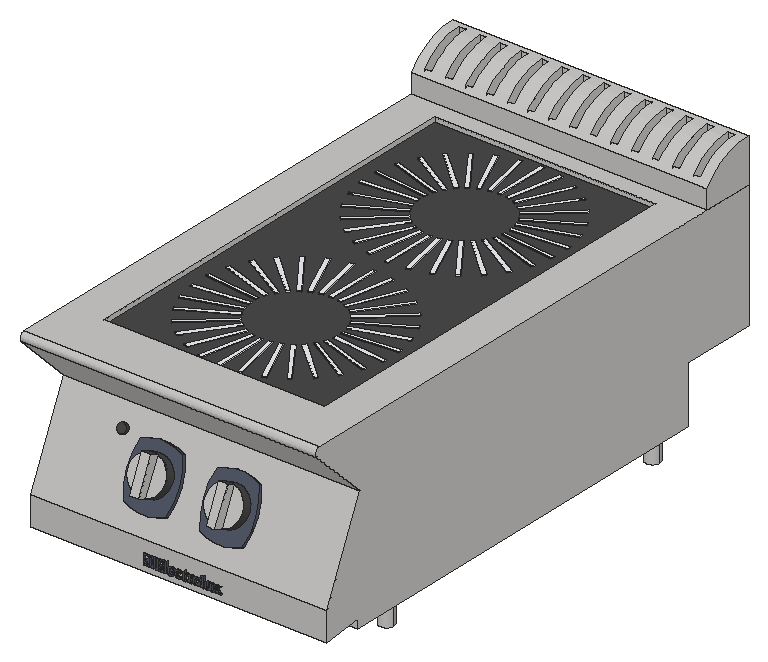
Revit family "QF_ELECTROLUXPROFESSIONAL_371024_E7IRED2000", category Specialty Equipment, Revit 2018 (continued)
Lines and regions (mm)
  symbolic lines
    curve 250: line (279.805, -410.326, 266.887) -> (275.76, -407.387, 266.887)
    curve 251: line (251.743, -393.986, 266.887) -> (221.891, -461.036, 266.887)
    curve 252: line (221.891, -461.036, 266.887) -> (226.458, -463.07, 266.887)
    curve 253: line (226.458, -463.07, 266.887) -> (256.311, -396.019, 266.887)
    curve 254: line (256.311, -396.019, 266.887) -> (251.743, -393.986, 266.887)
    curve 255: line (225.465, -385.871, 266.887) -> (210.206, -457.663, 266.887)
    curve 256: line (210.206, -457.663, 266.887) -> (215.096, -458.702, 266.887)
    curve 257: line (215.096, -458.702, 266.887) -> (230.356, -386.91, 266.887)
    curve 258: line (230.356, -386.91, 266.887) -> (225.465, -385.871, 266.887)
    curve 259: line (198.074, -383.397, 266.887) -> (198.074, -456.792, 266.887)
    curve 260: line (198.074, -456.792, 266.887) -> (203.074, -456.792, 266.887)
    curve 261: line (203.074, -456.792, 266.887) -> (203.074, -383.397, 266.887)
    curve 262: line (203.074, -383.397, 266.887) -> (198.074, -383.397, 266.887)
    curve 263: line (170.768, -386.671, 266.887) -> (186.028, -458.463, 266.887)
    curve 264: line (186.028, -458.463, 266.887) -> (190.918, -457.424, 266.887)
    curve 265: line (190.918, -457.424, 266.887) -> (175.658, -385.632, 266.887)
    curve 266: line (175.658, -385.632, 266.887) -> (170.768, -386.671, 266.887)
    curve 267: line (144.738, -395.552, 266.887) -> (174.591, -462.602, 266.887)
    curve 268: line (174.591, -462.602, 266.887) -> (179.159, -460.569, 266.887)
    curve 269: line (179.159, -460.569, 266.887) -> (149.306, -393.518, 266.887)
    curve 270: line (149.306, -393.518, 266.887) -> (144.738, -395.552, 266.887)
    curve 271: line (121.124, -409.65, 266.887) -> (164.265, -469.029, 266.887)
    curve 272: line (164.265, -469.029, 266.887) -> (168.311, -466.09, 266.887)
    curve 273: line (168.311, -466.09, 266.887) -> (125.17, -406.711, 266.887)
    curve 274: line (125.17, -406.711, 266.887) -> (121.124, -409.65, 266.887)
    curve 275: line (100.958, -428.35, 266.887) -> (155.501, -477.462, 266.887)
    curve 276: line (155.501, -477.462, 266.887) -> (158.847, -473.746, 266.887)
    curve 277: line (158.847, -473.746, 266.887) -> (104.303, -424.635, 266.887)
    curve 278: line (104.303, -424.635, 266.887) -> (100.958, -428.35, 266.887)
    curve 279: line (85.12, -450.834, 266.887) -> (148.682, -487.532, 266.887)
    curve 280: line (148.682, -487.532, 266.887) -> (151.182, -483.202, 266.887)
    curve 281: line (151.182, -483.202, 266.887) -> (87.62, -446.504, 266.887)
    curve 282: line (87.62, -446.504, 266.887) -> (85.12, -450.834, 266.887)
    curve 283: line (74.302, -476.12, 266.887) -> (144.106, -498.801, 266.887)
    curve 284: line (144.106, -498.801, 266.887) -> (145.651, -494.046, 266.887)
    curve 285: line (145.651, -494.046, 266.887) -> (75.847, -471.365, 266.887)
    curve 286: line (75.847, -471.365, 266.887) -> (74.302, -476.12, 266.887)
    curve 287: line (68.979, -503.103, 266.887) -> (141.972, -510.775, 266.887)
    curve 288: line (141.972, -510.775, 266.887) -> (142.495, -505.802, 266.887)
    curve 289: line (142.495, -505.802, 266.887) -> (69.501, -498.13, 266.887)
    curve 290: line (69.501, -498.13, 266.887) -> (68.979, -503.103, 266.887)
    curve 291: line (69.381, -530.602, 266.887) -> (142.375, -522.93, 266.887)
    curve 292: line (142.375, -522.93, 266.887) -> (141.852, -517.958, 266.887)
    curve 293: line (141.852, -517.958, 266.887) -> (68.858, -525.629, 266.887)
    curve 294: line (68.858, -525.629, 266.887) -> (69.381, -530.602, 266.887)
    curve 295: line (75.492, -557.417, 266.887) -> (145.296, -534.736, 266.887)
    curve 296: line (145.296, -534.736, 266.887) -> (143.751, -529.981, 266.887)
    curve 297: line (143.751, -529.981, 266.887) -> (73.947, -552.662, 266.887)
    curve 298: line (73.947, -552.662, 266.887) -> (75.492, -557.417, 266.887)
    curve 299: line (87.045, -582.375, 266.887) -> (150.608, -545.677, 266.887)
    curve 300: line (150.608, -545.677, 266.887) -> (148.108, -541.347, 266.887)
    curve 301: line (148.108, -541.347, 266.887) -> (84.545, -578.045, 266.887)
    curve 302: line (84.545, -578.045, 266.887) -> (87.045, -582.375, 266.887)
    curve 303: line (103.535, -604.386, 266.887) -> (158.078, -555.275, 266.887)
    curve 304: line (158.078, -555.275, 266.887) -> (154.733, -551.559, 266.887)
    curve 305: line (154.733, -551.559, 266.887) -> (100.189, -600.671, 266.887)
    curve 306: line (100.189, -600.671, 266.887) -> (103.535, -604.386, 266.887)
    curve 307: line (124.24, -622.488, 266.887) -> (167.381, -563.109, 266.887)
    curve 308: line (167.381, -563.109, 266.887) -> (163.336, -560.17, 266.887)
    curve 309: line (163.336, -560.17, 266.887) -> (120.195, -619.549, 266.887)
    curve 310: line (120.195, -619.549, 266.887) -> (124.24, -622.488, 266.887)
    curve 311: line (148.257, -635.889, 266.887) -> (178.109, -568.839, 266.887)
    curve 312: line (178.109, -568.839, 266.887) -> (173.542, -566.805, 266.887)
    curve 313: line (173.542, -566.805, 266.887) -> (143.689, -633.855, 266.887)
    curve 314: line (143.689, -633.855, 266.887) -> (148.257, -635.889, 266.887)
Dimensions and locks
  equal spacing: plane 3 "LEFT", plane 7 "Center Y", plane 4 "RIGHT"
  "Width": plane 3 "LEFT" to plane 4 "RIGHT"
  equal spacing: plane 5 "FRONT", plane 8 "Center X", plane 1 "BACK"
  "Depth": plane 5 "FRONT" to plane 1 "BACK"
  "Height": plane 6 "TOP" to level
  "Base Height": plane 9 "BASE" to level
  plane 1 "BACK" to plane 5 "FRONT" = 730 mm
  plane 10 "TOP A" to plane 9 "BASE" = 249.237 mm
  aligned and locked: level to plane 2
  aligned and locked: plane 4 "RIGHT" to Extrusion 1
  aligned and locked: plane 4 "RIGHT" to Extrusion 2
  aligned and locked: plane 9 "BASE" to Extrusion 18
  aligned and locked: plane 6 "TOP" to Extrusion 24
Automatic sketch dimensions
  Extrusion 26 sketch curve to Extrusion 26 sketch curve = 5 mm
  Extrusion 26 sketch curve to Extrusion 26 sketch curve = 73.396 mm
  Extrusion 27 sketch curve to Extrusion 27 sketch curve = 5 mm
  Extrusion 27 sketch curve to Extrusion 27 sketch curve = 73.396 mm
  Extrusion 28 sketch curve to Extrusion 28 sketch curve = 5 mm
  Extrusion 28 sketch curve to Extrusion 28 sketch curve = 73.396 mm
  Extrusion 29 sketch curve to Extrusion 29 sketch curve = 5 mm
  Extrusion 29 sketch curve to Extrusion 29 sketch curve = 73.396 mm
  Extrusion 30 sketch curve to Extrusion 30 sketch curve = 5 mm
  Extrusion 30 sketch curve to Extrusion 30 sketch curve = 73.396 mm
  Extrusion 31 sketch curve to Extrusion 31 sketch curve = 5 mm
  Extrusion 31 sketch curve to Extrusion 31 sketch curve = 73.396 mm
  Extrusion 32 sketch curve to Extrusion 32 sketch curve = 5 mm
  Extrusion 32 sketch curve to Extrusion 32 sketch curve = 73.396 mm
  Extrusion 33 sketch curve to Extrusion 33 sketch curve = 5 mm
  Extrusion 33 sketch curve to Extrusion 33 sketch curve = 73.396 mm
  Extrusion 34 sketch curve to Extrusion 34 sketch curve = 5 mm
  Extrusion 34 sketch curve to Extrusion 34 sketch curve = 73.396 mm
  Extrusion 35 sketch curve to Extrusion 35 sketch curve = 5 mm
  Extrusion 35 sketch curve to Extrusion 35 sketch curve = 73.396 mm
  Extrusion 36 sketch curve to Extrusion 36 sketch curve = 5 mm
  Extrusion 36 sketch curve to Extrusion 36 sketch curve = 73.396 mm
  Extrusion 37 sketch curve to Extrusion 37 sketch curve = 5 mm
  Extrusion 37 sketch curve to Extrusion 37 sketch curve = 73.396 mm
  Extrusion 38 sketch curve to Extrusion 38 sketch curve = 5 mm
  Extrusion 38 sketch curve to Extrusion 38 sketch curve = 73.396 mm
  Extrusion 39 sketch curve to Extrusion 39 sketch curve = 5 mm
  Extrusion 39 sketch curve to Extrusion 39 sketch curve = 73.396 mm
  Extrusion 40 sketch curve to Extrusion 40 sketch curve = 5 mm
  Extrusion 40 sketch curve to Extrusion 40 sketch curve = 73.396 mm
  Extrusion 41 sketch curve to Extrusion 41 sketch curve = 5 mm
  Extrusion 41 sketch curve to Extrusion 41 sketch curve = 73.396 mm
  Extrusion 42 sketch curve to Extrusion 42 sketch curve = 5 mm
  Extrusion 42 sketch curve to Extrusion 42 sketch curve = 73.396 mm
  Extrusion 43 sketch curve to Extrusion 43 sketch curve = 5 mm
  Extrusion 43 sketch curve to Extrusion 43 sketch curve = 73.396 mm
  Extrusion 44 sketch curve to Extrusion 44 sketch curve = 5 mm
  Extrusion 44 sketch curve to Extrusion 44 sketch curve = 73.396 mm
  Extrusion 45 sketch curve to Extrusion 45 sketch curve = 5 mm
  Extrusion 45 sketch curve to Extrusion 45 sketch curve = 73.396 mm
  Extrusion 46 sketch curve to Extrusion 46 sketch curve = 5 mm
  Extrusion 46 sketch curve to Extrusion 46 sketch curve = 73.396 mm
  Extrusion 47 sketch curve to Extrusion 47 sketch curve = 5 mm
  Extrusion 47 sketch curve to Extrusion 47 sketch curve = 73.396 mm
  Extrusion 48 sketch curve to Extrusion 48 sketch curve = 5 mm
  Extrusion 48 sketch curve to Extrusion 48 sketch curve = 73.396 mm
  Extrusion 49 sketch curve to Extrusion 49 sketch curve = 5 mm
  Extrusion 49 sketch curve to Extrusion 49 sketch curve = 73.396 mm
  Extrusion 50 sketch curve to Extrusion 50 sketch curve = 5 mm
  Extrusion 50 sketch curve to Extrusion 50 sketch curve = 73.396 mm
  Extrusion 51 sketch curve to Extrusion 51 sketch curve = 5 mm
  Extrusion 51 sketch curve to Extrusion 51 sketch curve = 73.396 mm
  Extrusion 52 sketch curve to Extrusion 52 sketch curve = 5 mm
  Extrusion 52 sketch curve to Extrusion 52 sketch curve = 73.396 mm
  Extrusion 53 sketch curve to Extrusion 53 sketch curve = 5 mm
  Extrusion 53 sketch curve to Extrusion 53 sketch curve = 73.396 mm
  Extrusion 54 sketch curve to Extrusion 54 sketch curve = 5 mm
  Extrusion 54 sketch curve to Extrusion 54 sketch curve = 73.396 mm
  Extrusion 55 sketch curve to Extrusion 55 sketch curve = 5 mm
  Extrusion 55 sketch curve to Extrusion 55 sketch curve = 73.396 mm
  Extrusion 56 sketch curve to Extrusion 56 sketch curve = 5 mm
  Extrusion 56 sketch curve to Extrusion 56 sketch curve = 73.396 mm
  Extrusion 57 sketch curve to Extrusion 57 sketch curve = 5 mm
  Extrusion 57 sketch curve to Extrusion 57 sketch curve = 73.396 mm
  Extrusion 58 sketch curve to Extrusion 58 sketch curve = 5 mm
  Extrusion 58 sketch curve to Extrusion 58 sketch curve = 73.396 mm
  Extrusion 59 sketch curve to Extrusion 59 sketch curve = 5 mm
  Extrusion 59 sketch curve to Extrusion 59 sketch curve = 73.396 mm
  Extrusion 60 sketch curve to Extrusion 60 sketch curve = 5 mm
  Extrusion 60 sketch curve to Extrusion 60 sketch curve = 73.396 mm
  Extrusion 61 sketch curve to Extrusion 61 sketch curve = 5 mm
  Extrusion 61 sketch curve to Extrusion 61 sketch curve = 73.396 mm
  Extrusion 62 sketch curve to Extrusion 62 sketch curve = 5 mm
  Extrusion 62 sketch curve to Extrusion 62 sketch curve = 73.396 mm
  Extrusion 63 sketch curve to Extrusion 63 sketch curve = 5 mm
  Extrusion 63 sketch curve to Extrusion 63 sketch curve = 73.396 mm
  Extrusion 64 sketch curve to Extrusion 64 sketch curve = 5 mm
  Extrusion 64 sketch curve to Extrusion 64 sketch curve = 73.396 mm
  Extrusion 65 sketch curve to Extrusion 65 sketch curve = 5 mm
  Extrusion 65 sketch curve to Extrusion 65 sketch curve = 73.396 mm
  Extrusion 66 sketch curve to Extrusion 66 sketch curve = 5 mm
  Extrusion 66 sketch curve to Extrusion 66 sketch curve = 73.396 mm
  Extrusion 67 sketch curve to Extrusion 67 sketch curve = 5 mm
  Extrusion 67 sketch curve to Extrusion 67 sketch curve = 73.396 mm
  Extrusion 68 sketch curve to Extrusion 68 sketch curve = 5 mm
  Extrusion 68 sketch curve to Extrusion 68 sketch curve = 73.396 mm
  Extrusion 69 sketch curve to Extrusion 69 sketch curve = 5 mm
  Extrusion 69 sketch curve to Extrusion 69 sketch curve = 73.396 mm
  Extrusion 70 sketch curve to Extrusion 70 sketch curve = 5 mm
  Extrusion 70 sketch curve to Extrusion 70 sketch curve = 73.396 mm
  Extrusion 71 sketch curve to Extrusion 71 sketch curve = 5 mm
  Extrusion 71 sketch curve to Extrusion 71 sketch curve = 73.396 mm
  Extrusion 72 sketch curve to Extrusion 72 sketch curve = 5 mm
  Extrusion 72 sketch curve to Extrusion 72 sketch curve = 73.396 mm
  Extrusion 73 sketch curve to Extrusion 73 sketch curve = 5 mm
  Extrusion 73 sketch curve to Extrusion 73 sketch curve = 73.396 mm
  Extrusion 74 sketch curve to Extrusion 74 sketch curve = 5 mm
  Extrusion 74 sketch curve to Extrusion 74 sketch curve = 73.396 mm
  Extrusion 75 sketch curve to Extrusion 75 sketch curve = 5 mm
  Extrusion 75 sketch curve to Extrusion 75 sketch curve = 73.396 mm
  Extrusion 76 sketch curve to Extrusion 76 sketch curve = 5 mm
  Extrusion 76 sketch curve to Extrusion 76 sketch curve = 73.396 mm
  Extrusion 77 sketch curve to Extrusion 77 sketch curve = 5 mm
  Extrusion 77 sketch curve to Extrusion 77 sketch curve = 73.396 mm
  Extrusion 78 sketch curve to Extrusion 78 sketch curve = 5 mm
  Extrusion 78 sketch curve to Extrusion 78 sketch curve = 73.396 mm
  Extrusion 79 sketch curve to Extrusion 79 sketch curve = 5 mm
  Extrusion 79 sketch curve to Extrusion 79 sketch curve = 73.396 mm
  Extrusion 80 sketch curve to Extrusion 80 sketch curve = 5 mm
  Extrusion 80 sketch curve to Extrusion 80 sketch curve = 73.396 mm
  Extrusion 81 sketch curve to Extrusion 81 sketch curve = 5 mm
  Extrusion 81 sketch curve to Extrusion 81 sketch curve = 73.396 mm
  Extrusion 82 sketch curve to Extrusion 82 sketch curve = 5 mm
  Extrusion 82 sketch curve to Extrusion 82 sketch curve = 73.396 mm
  Extrusion 83 sketch curve to Extrusion 83 sketch curve = 5 mm
  Extrusion 83 sketch curve to Extrusion 83 sketch curve = 73.396 mm
  Extrusion 84 sketch curve to Extrusion 84 sketch curve = 5 mm
  Extrusion 84 sketch curve to Extrusion 84 sketch curve = 73.396 mm
  Extrusion 85 sketch curve to Extrusion 85 sketch curve = 5 mm
  Extrusion 85 sketch curve to Extrusion 85 sketch curve = 73.396 mm
  Extrusion 1 sketch curve to plane 10 "TOP A" = 0 mm
  Extrusion 1 sketch curve to plane 9 "BASE" = 0 mm
  Extrusion 1 sketch curve to plane 1 "BACK" = 0 mm
  Extrusion 1 sketch curve to plane 12 = 46.038 mm
  plane 11 to Extrusion 1 sketch curve = 59.531 mm
  plane 9 "BASE" to Extrusion 1 sketch curve = 12.7 mm
  plane 11 to Extrusion 1 sketch curve = 62.516 mm
  Extrusion 1 sketch curve to plane 5 "FRONT" = 16.478 mm
  Extrusion 1 sketch curve to plane 5 "FRONT" = 4.973 mm
  Extrusion 1 sketch curve to plane 5 "FRONT" = 0.483 mm
  plane 9 "BASE" to Extrusion 1 sketch curve = 7.09 mm
  Extrusion 1 sketch curve to Extrusion 1 sketch curve = 38.1 mm
  plane 9 "BASE" to Extrusion 1 sketch curve = 77.788 mm
  Extrusion 1 sketch curve to plane 10 "TOP A" = 83.191 mm
  Extrusion 1 sketch curve to plane 10 "TOP A" = 10.84 mm
  Extrusion 2 sketch curve to plane 10 "TOP A" = 0 mm
  Extrusion 2 sketch curve to plane 1 "BACK" = 0 mm
  Extrusion 2 sketch curve to plane 6 "TOP" = 0 mm
  plane 1 "BACK" to Extrusion 2 sketch curve = 1.769 mm
  plane 10 "TOP A" to Extrusion 2 sketch curve = 25.4 mm
  plane 1 "BACK" to Extrusion 2 sketch curve = 69.85 mm
  Extrusion 3 sketch curve to plane 4 "RIGHT" = 50 mm
  plane 3 "LEFT" to Extrusion 3 sketch curve = 50 mm
  Extrusion 3 sketch curve to plane 12 = 54.376 mm
  plane 11 to Extrusion 3 sketch curve = 55.377 mm
  plane 1 "BACK" to Extrusion 4 sketch curve = 6.761 mm
  plane 3 "LEFT" to Extrusion 4 sketch curve = 22.749 mm
  Extrusion 4 sketch curve to Extrusion 4 sketch curve = 9.296 mm
  Extrusion 4 sketch curve to Extrusion 4 sketch curve = 57.15 mm
  Extrusion 5 sketch curve to plane 1 "BACK" = 6.761 mm
  plane 4 "RIGHT" to Extrusion 5 sketch curve = 22.749 mm
  Extrusion 5 sketch curve to Extrusion 5 sketch curve = 9.296 mm
  Extrusion 5 sketch curve to Extrusion 5 sketch curve = 57.15 mm
  plane 1 "BACK" to Extrusion 6 sketch curve = 6.761 mm
  plane 3 "LEFT" to Extrusion 6 sketch curve = 50.737 mm
  Extrusion 6 sketch curve to Extrusion 6 sketch curve = 9.296 mm
  Extrusion 6 sketch curve to Extrusion 6 sketch curve = 57.15 mm
  plane 1 "BACK" to Extrusion 7 sketch curve = 6.761 mm
  plane 3 "LEFT" to Extrusion 7 sketch curve = 78.725 mm
  Extrusion 7 sketch curve to Extrusion 7 sketch curve = 9.296 mm
  Extrusion 7 sketch curve to Extrusion 7 sketch curve = 57.15 mm
  plane 1 "BACK" to Extrusion 8 sketch curve = 6.761 mm
  Extrusion 8 sketch curve to plane 7 "Center Y" = 93.311 mm
  Extrusion 8 sketch curve to Extrusion 8 sketch curve = 9.296 mm
  Extrusion 8 sketch curve to Extrusion 8 sketch curve = 57.15 mm
  plane 1 "BACK" to Extrusion 9 sketch curve = 6.761 mm
  Extrusion 9 sketch curve to plane 7 "Center Y" = 65.323 mm
  Extrusion 9 sketch curve to Extrusion 9 sketch curve = 9.296 mm
  Extrusion 9 sketch curve to Extrusion 9 sketch curve = 57.15 mm
  plane 1 "BACK" to Extrusion 10 sketch curve = 6.761 mm
  Extrusion 10 sketch curve to plane 7 "Center Y" = 37.335 mm
  Extrusion 10 sketch curve to Extrusion 10 sketch curve = 9.296 mm
  Extrusion 10 sketch curve to Extrusion 10 sketch curve = 57.15 mm
  Extrusion 11 sketch curve to plane 7 "Center Y" = 9.346 mm
  Extrusion 11 sketch curve to Extrusion 11 sketch curve = 9.296 mm
  plane 1 "BACK" to Extrusion 11 sketch curve = 6.761 mm
  Extrusion 11 sketch curve to Extrusion 11 sketch curve = 57.15 mm
  plane 1 "BACK" to Extrusion 12 sketch curve = 6.761 mm
  plane 7 "Center Y" to Extrusion 12 sketch curve = 18.642 mm
  Extrusion 12 sketch curve to Extrusion 12 sketch curve = 9.296 mm
  Extrusion 12 sketch curve to Extrusion 12 sketch curve = 57.15 mm
  plane 1 "BACK" to Extrusion 13 sketch curve = 6.761 mm
  plane 7 "Center Y" to Extrusion 13 sketch curve = 46.63 mm
  Extrusion 13 sketch curve to Extrusion 13 sketch curve = 9.296 mm
  Extrusion 13 sketch curve to Extrusion 13 sketch curve = 57.15 mm
  plane 1 "BACK" to Extrusion 14 sketch curve = 6.761 mm
  plane 7 "Center Y" to Extrusion 14 sketch curve = 74.619 mm
  Extrusion 14 sketch curve to Extrusion 14 sketch curve = 9.296 mm
  Extrusion 14 sketch curve to Extrusion 14 sketch curve = 57.15 mm
  plane 1 "BACK" to Extrusion 15 sketch curve = 6.761 mm
  Extrusion 15 sketch curve to plane 4 "RIGHT" = 97.418 mm
  Extrusion 15 sketch curve to Extrusion 15 sketch curve = 9.296 mm
  Extrusion 15 sketch curve to Extrusion 15 sketch curve = 57.15 mm
  plane 1 "BACK" to Extrusion 16 sketch curve = 6.761 mm
  Extrusion 16 sketch curve to plane 4 "RIGHT" = 69.43 mm
  Extrusion 16 sketch curve to Extrusion 16 sketch curve = 9.296 mm
  Extrusion 16 sketch curve to Extrusion 16 sketch curve = 57.15 mm
  plane 1 "BACK" to Extrusion 17 sketch curve = 6.761 mm
  Extrusion 17 sketch curve to plane 4 "RIGHT" = 41.441 mm
  Extrusion 17 sketch curve to Extrusion 17 sketch curve = 9.296 mm
  Extrusion 17 sketch curve to Extrusion 17 sketch curve = 57.15 mm
  plane 11 to Extrusion 18 sketch curve = 0 mm  (x2)
  plane 12 to Extrusion 18 sketch curve = 0 mm  (x2)
  plane 3 "LEFT" to Extrusion 18 sketch curve = 11.112 mm  (x2)
  Extrusion 18 sketch curve to plane 4 "RIGHT" = 11.113 mm  (x2)
  Extrusion 19 sketch curve to Extrusion 1 = 31.333 mm  (x2)
  Extrusion 19 sketch curve to Extrusion 19 sketch curve = 12.3 mm  (x3)
  Extrusion 19 sketch curve to Extrusion 19 sketch curve = 34.925 mm  (x2)
  Extrusion 1 to Extrusion 19 sketch curve = 44.467 mm
  Extrusion 1 to Extrusion 19 sketch curve = 200.117 mm
  Extrusion 19 sketch curve to Extrusion 19 sketch curve = 25.727 mm
  Extrusion 19 sketch curve to Extrusion 19 sketch curve = 25.771 mm
  Extrusion 19 sketch curve to Extrusion 19 sketch curve = 28.531 mm
  Extrusion 21 sketch curve to Extrusion 21 sketch curve = 24.732 mm
  Extrusion 21 sketch curve to Extrusion 21 sketch curve = 0 mm
  Extrusion 1 to Extrusion 22 sketch curve = 29.678 mm
  Extrusion 1 to Extrusion 22 sketch curve = 90.648 mm
  Extrusion 1 to Extrusion 23 sketch curve = 33.906 mm
  Extrusion 1 to Extrusion 23 sketch curve = 63.5 mm
  plane 1 "BACK" to Extrusion 24 sketch curve = 0 mm
  Extrusion 24 sketch curve to plane 3 "LEFT" = 0 mm
  Extrusion 24 sketch curve to plane 4 "RIGHT" = 0 mm
  Extrusion 24 sketch curve to plane 3 "LEFT" = 150.019 mm
  plane 5 "FRONT" to Extrusion 24 sketch curve = 1.377 mm  (x2)
  plane 4 "RIGHT" to Extrusion 24 sketch curve = 150.019 mm
  Extrusion 24 sketch curve to plane 1 "BACK" = 150.019 mm
  curve 65 to plane 4 "RIGHT" = 0 mm
  curve 5 to plane 3 "LEFT" = 0 mm
  curve 63 to plane 3 "LEFT" = 0 mm
  plane 1 "BACK" to curve 5 = 0 mm
  plane 5 "FRONT" to curve 6 = 0 mm
  plane 4 "RIGHT" to curve 3 = 150.019 mm
  curve 12 to plane 4 "RIGHT" = 13.453 mm
  curve 11 to curve 14 = 9.296 mm
  curve 12 to curve 59 = 18.693 mm
  curve 59 to curve 62 = 9.296 mm
  curve 60 to curve 55 = 18.693 mm
  curve 55 to curve 56 = 9.296 mm
  plane 1 "BACK" to curve 51 = 6.761 mm
  curve 57 to curve 51 = 18.693 mm
  curve 51 to curve 52 = 9.296 mm
  curve 52 to curve 47 = 18.693 mm
  curve 47 to curve 48 = 9.296 mm
  plane 1 "BACK" to curve 43 = 6.761 mm
  curve 49 to curve 43 = 18.693 mm
  curve 43 to curve 44 = 9.296 mm
  plane 7 "Center Y" to curve 39 = 18.642 mm
  curve 39 to curve 40 = 9.296 mm
  curve 36 to plane 7 "Center Y" = 9.346 mm
  curve 35 to curve 38 = 9.296 mm
  curve 36 to curve 32 = 18.693 mm
  curve 31 to curve 32 = 9.296 mm
  plane 1 "BACK" to curve 30 = 6.761 mm
  curve 33 to curve 30 = 18.693 mm
  curve 27 to curve 28 = 9.296 mm
  plane 1 "BACK" to curve 23 = 6.761 mm
  curve 29 to curve 23 = 18.693 mm
  curve 23 to curve 24 = 9.296 mm
  curve 24 to curve 20 = 18.693 mm
  curve 19 to curve 20 = 9.296 mm
  curve 20 to curve 15 = 18.693 mm
  curve 15 to curve 16 = 9.296 mm
  curve 16 to curve 63 = 9.691 mm
  plane 1 "BACK" to curve 10 = 6.761 mm
  curve 17 to curve 10 = 18.693 mm
  curve 7 to curve 9 = 9.296 mm
  plane 5 "FRONT" to curve 1 = 1.377 mm
  curve 1 to plane 3 "LEFT" = 150.019 mm
  curve 2 to plane 1 "BACK" = 150.019 mm
  plane 1 "BACK" to curve 61 = 6.761 mm
  plane 1 "BACK" to curve 58 = 6.761 mm
  plane 1 "BACK" to curve 11 = 6.761 mm
  plane 1 "BACK" to curve 15 = 6.761 mm
  plane 1 "BACK" to curve 50 = 6.761 mm
  plane 1 "BACK" to curve 19 = 6.761 mm
  plane 1 "BACK" to curve 42 = 6.761 mm
  plane 1 "BACK" to curve 38 = 6.761 mm
  plane 1 "BACK" to curve 31 = 6.761 mm
  curve 33 to curve 33 = 57.15 mm
  curve 29 to curve 32 = 0 mm
  curve 31 to curve 35 = 0 mm
  curve 25 to curve 28 = 0 mm
  curve 35 to curve 39 = 0 mm
  curve 21 to curve 24 = 0 mm
  curve 39 to curve 43 = 0 mm
  curve 17 to curve 20 = 0 mm
  curve 43 to curve 47 = 0 mm
  curve 13 to curve 13 = 57.15 mm
  curve 47 to curve 51 = 0 mm
  curve 9 to curve 16 = 0 mm
  curve 51 to curve 55 = 0 mm
  curve 55 to curve 61 = 0 mm
  curve 8 to curve 64 = 5.939 mm
  curve 11 to curve 65 = 5.939 mm
  curve 64 to plane 12 = 26.988 mm
  plane 5 "FRONT" to curve 3 = 1.377 mm
  Extrusion 25 sketch curve to plane 7 "Center Y" = 0 mm
  plane 9 "BASE" to Extrusion 25 sketch curve = 10.651 mm
  plane 9 "BASE" to Extrusion 25 sketch curve = 15.692 mm
  plane 9 "BASE" to Extrusion 25 sketch curve = 15.711 mm
  Extrusion 25 sketch curve to Extrusion 25 sketch curve = 0 mm  (x28)
  Extrusion 25 sketch curve to Extrusion 25 sketch curve = 5.108 mm  (x2)
  Extrusion 25 sketch curve to Extrusion 25 sketch curve = 0.054 mm
  Extrusion 25 sketch curve to Extrusion 25 sketch curve = 0.218 mm
  Extrusion 25 sketch curve to Extrusion 25 sketch curve = 0.195 mm
  Extrusion 25 sketch curve to Extrusion 25 sketch curve = 0.249 mm
  plane 9 "BASE" to Extrusion 25 sketch curve = 16.008 mm
  Extrusion 25 sketch curve to Extrusion 25 sketch curve = 0.087 mm
  Extrusion 25 sketch curve to Extrusion 25 sketch curve = 0.358 mm
  Extrusion 25 sketch curve to Extrusion 25 sketch curve = 0.481 mm
  Extrusion 25 sketch curve to Extrusion 25 sketch curve = 0.597 mm
  Extrusion 25 sketch curve to Extrusion 25 sketch curve = 0.544 mm
  Extrusion 25 sketch curve to Extrusion 25 sketch curve = 0.936 mm
  Extrusion 25 sketch curve to Extrusion 25 sketch curve = 0.594 mm
  Extrusion 25 sketch curve to Extrusion 25 sketch curve = 0.343 mm
  Extrusion 25 sketch curve to Extrusion 25 sketch curve = 0.159 mm
  Extrusion 25 sketch curve to Extrusion 25 sketch curve = 0.826 mm
  Extrusion 25 sketch curve to Extrusion 25 sketch curve = 0.839 mm
  Extrusion 25 sketch curve to Extrusion 25 sketch curve = 0.852 mm
  Extrusion 25 sketch curve to Extrusion 25 sketch curve = 0.887 mm
  Extrusion 25 sketch curve to Extrusion 25 sketch curve = 0.928 mm
  Extrusion 25 sketch curve to Extrusion 25 sketch curve = 0.938 mm
  Extrusion 25 sketch curve to Extrusion 25 sketch curve = 0.444 mm
  Extrusion 25 sketch curve to Extrusion 25 sketch curve = 1.11 mm  (x3)
  Extrusion 25 sketch curve to Extrusion 25 sketch curve = 0.215 mm
  Extrusion 25 sketch curve to Extrusion 25 sketch curve = 1.43 mm
  Extrusion 25 sketch curve to Extrusion 25 sketch curve = 1.188 mm
  Extrusion 25 sketch curve to Extrusion 25 sketch curve = 1.21 mm  (x2)
  Extrusion 25 sketch curve to Extrusion 25 sketch curve = 0.503 mm
  Extrusion 25 sketch curve to Extrusion 25 sketch curve = 0.488 mm
  Extrusion 25 sketch curve to Extrusion 25 sketch curve = 0.462 mm
  Extrusion 25 sketch curve to Extrusion 25 sketch curve = 1.386 mm
  Extrusion 25 sketch curve to Extrusion 25 sketch curve = 1.742 mm  (x2)
  Extrusion 25 sketch curve to Extrusion 25 sketch curve = 0.821 mm
  Extrusion 25 sketch curve to Extrusion 25 sketch curve = 0.497 mm
  Extrusion 25 sketch curve to Extrusion 25 sketch curve = 0.539 mm
  Extrusion 25 sketch curve to Extrusion 25 sketch curve = 0.686 mm
  Extrusion 25 sketch curve to Extrusion 25 sketch curve = 0.408 mm
  Extrusion 25 sketch curve to Extrusion 25 sketch curve = 0.528 mm
  Extrusion 25 sketch curve to Extrusion 25 sketch curve = 1.16 mm
  Extrusion 25 sketch curve to Extrusion 25 sketch curve = 0.329 mm
  Extrusion 25 sketch curve to Extrusion 25 sketch curve = 1.054 mm
  Extrusion 25 sketch curve to Extrusion 25 sketch curve = 1.056 mm
  Extrusion 25 sketch curve to Extrusion 25 sketch curve = 0.129 mm
  Extrusion 25 sketch curve to Extrusion 25 sketch curve = 0.489 mm
  Extrusion 25 sketch curve to Extrusion 25 sketch curve = 0.441 mm
  Extrusion 25 sketch curve to Extrusion 25 sketch curve = 1.151 mm
  Extrusion 25 sketch curve to Extrusion 25 sketch curve = 1.141 mm  (x2)
  Extrusion 25 sketch curve to Extrusion 25 sketch curve = 0.768 mm
  Extrusion 25 sketch curve to Extrusion 25 sketch curve = 1.653 mm
  Extrusion 25 sketch curve to Extrusion 25 sketch curve = 0.499 mm
  Extrusion 25 sketch curve to Extrusion 25 sketch curve = 0.964 mm
  Extrusion 25 sketch curve to Extrusion 25 sketch curve = 0.949 mm
  Extrusion 25 sketch curve to Extrusion 25 sketch curve = 1.345 mm  (x2)
  Extrusion 25 sketch curve to Extrusion 25 sketch curve = 1.101 mm
  Extrusion 25 sketch curve to Extrusion 25 sketch curve = 0.432 mm
  Extrusion 25 sketch curve to Extrusion 25 sketch curve = 1.142 mm
  Extrusion 25 sketch curve to Extrusion 25 sketch curve = 0.959 mm
  Extrusion 25 sketch curve to Extrusion 25 sketch curve = 0.176 mm
  Extrusion 25 sketch curve to Extrusion 25 sketch curve = 0.728 mm
  Extrusion 25 sketch curve to Extrusion 25 sketch curve = 3.375 mm  (x2)
  Extrusion 25 sketch curve to Extrusion 25 sketch curve = 0.541 mm
  Extrusion 25 sketch curve to Extrusion 25 sketch curve = 0.955 mm
  Extrusion 25 sketch curve to Extrusion 25 sketch curve = 1.251 mm
  Extrusion 25 sketch curve to Extrusion 25 sketch curve = 0.572 mm
  Extrusion 25 sketch curve to Extrusion 25 sketch curve = 1.92 mm
  Extrusion 25 sketch curve to Extrusion 25 sketch curve = 1.224 mm
  Extrusion 25 sketch curve to Extrusion 25 sketch curve = 0.745 mm
  plane 7 "Center Y" to Extrusion 25 sketch curve = 0.572 mm
  Extrusion 25 sketch curve to Extrusion 25 sketch curve = 2.537 mm
  Extrusion 25 sketch curve to Extrusion 25 sketch curve = 0.896 mm  (x3)
  Extrusion 25 sketch curve to Extrusion 25 sketch curve = 0.036 mm
  Extrusion 25 sketch curve to Extrusion 25 sketch curve = 2.607 mm
  Extrusion 25 sketch curve to Extrusion 25 sketch curve = 0.066 mm
  Extrusion 25 sketch curve to Extrusion 25 sketch curve = 0.248 mm
  Extrusion 25 sketch curve to Extrusion 25 sketch curve = 0.449 mm
  Extrusion 25 sketch curve to Extrusion 25 sketch curve = 1.052 mm
  Extrusion 25 sketch curve to Extrusion 25 sketch curve = 1.863 mm
  Extrusion 25 sketch curve to Extrusion 25 sketch curve = 1.31 mm  (x2)
  Extrusion 25 sketch curve to Extrusion 25 sketch curve = 0.901 mm
  Extrusion 25 sketch curve to Extrusion 25 sketch curve = 1.107 mm
  Extrusion 25 sketch curve to Extrusion 25 sketch curve = 2.122 mm
  Extrusion 25 sketch curve to Extrusion 25 sketch curve = 2.101 mm
  Extrusion 25 sketch curve to Extrusion 25 sketch curve = 0.106 mm
  Extrusion 25 sketch curve to Extrusion 25 sketch curve = 0.029 mm
  Extrusion 25 sketch curve to Extrusion 25 sketch curve = 2.09 mm
  Extrusion 25 sketch curve to Extrusion 25 sketch curve = 1.279 mm
  Extrusion 25 sketch curve to Extrusion 25 sketch curve = 2.008 mm
  Extrusion 25 sketch curve to Extrusion 25 sketch curve = 0.738 mm
  Extrusion 25 sketch curve to Extrusion 25 sketch curve = 0.382 mm
  Extrusion 25 sketch curve to Extrusion 25 sketch curve = 0.384 mm
  Extrusion 25 sketch curve to Extrusion 25 sketch curve = 0.002 mm
  Extrusion 25 sketch curve to Extrusion 25 sketch curve = 0.561 mm
  Extrusion 25 sketch curve to Extrusion 25 sketch curve = 0.592 mm
  Extrusion 25 sketch curve to Extrusion 25 sketch curve = 2.692 mm
  Extrusion 25 sketch curve to Extrusion 25 sketch curve = 1.259 mm
  Extrusion 25 sketch curve to Extrusion 25 sketch curve = 0.802 mm
  Extrusion 25 sketch curve to Extrusion 25 sketch curve = 1.024 mm  (x2)
  Extrusion 25 sketch curve to Extrusion 25 sketch curve = 0.682 mm
  Extrusion 25 sketch curve to Extrusion 25 sketch curve = 5.934 mm
  Extrusion 25 sketch curve to Extrusion 25 sketch curve = 2.186 mm
  Extrusion 25 sketch curve to Extrusion 25 sketch curve = 0.337 mm
  Extrusion 25 sketch curve to Extrusion 25 sketch curve = 0.021 mm
  Extrusion 25 sketch curve to Extrusion 25 sketch curve = 1.005 mm
  Extrusion 25 sketch curve to Extrusion 25 sketch curve = 0.552 mm
  Extrusion 25 sketch curve to Extrusion 25 sketch curve = 0.778 mm
  Extrusion 25 sketch curve to Extrusion 25 sketch curve = 0.063 mm
  Extrusion 25 sketch curve to Extrusion 25 sketch curve = 1.023 mm
  Extrusion 25 sketch curve to Extrusion 25 sketch curve = 3.804 mm
  Extrusion 25 sketch curve to Extrusion 25 sketch curve = 0.486 mm
  Extrusion 25 sketch curve to Extrusion 25 sketch curve = 0.266 mm  (x2)
  Extrusion 25 sketch curve to Extrusion 25 sketch curve = 1.547 mm
  Extrusion 25 sketch curve to Extrusion 25 sketch curve = 0.717 mm  (x2)
  Extrusion 25 sketch curve to Extrusion 25 sketch curve = 1.667 mm
  Extrusion 25 sketch curve to Extrusion 25 sketch curve = 3.174 mm
  Extrusion 25 sketch curve to Extrusion 25 sketch curve = 0.388 mm
  Extrusion 25 sketch curve to Extrusion 25 sketch curve = 1.342 mm
  Extrusion 25 sketch curve to Extrusion 25 sketch curve = 1.521 mm
  Extrusion 25 sketch curve to Extrusion 25 sketch curve = 0.124 mm
  Extrusion 25 sketch curve to Extrusion 25 sketch curve = 0.291 mm
  plane 7 "Center Y" to Extrusion 25 sketch curve = 11.984 mm
  Extrusion 25 sketch curve to Extrusion 25 sketch curve = 1.049 mm  (x2)
  Extrusion 25 sketch curve to Extrusion 25 sketch curve = 1.7 mm
  Extrusion 25 sketch curve to Extrusion 25 sketch curve = 0.894 mm
  Extrusion 25 sketch curve to Extrusion 25 sketch curve = 0.989 mm
  Extrusion 25 sketch curve to Extrusion 25 sketch curve = 1.168 mm
  Extrusion 25 sketch curve to Extrusion 25 sketch curve = 1.594 mm
  Extrusion 25 sketch curve to Extrusion 25 sketch curve = 0.731 mm
  Extrusion 25 sketch curve to Extrusion 25 sketch curve = 1.566 mm
  Extrusion 25 sketch curve to Extrusion 25 sketch curve = 0.064 mm
  Extrusion 25 sketch curve to Extrusion 25 sketch curve = 0.556 mm  (x3)
  Extrusion 25 sketch curve to Extrusion 25 sketch curve = 0.48 mm
  Extrusion 25 sketch curve to Extrusion 25 sketch curve = 1.018 mm
  Extrusion 25 sketch curve to Extrusion 25 sketch curve = 0.787 mm
  Extrusion 25 sketch curve to Extrusion 25 sketch curve = 0.618 mm
  Extrusion 25 sketch curve to Extrusion 25 sketch curve = 1.672 mm
  Extrusion 25 sketch curve to Extrusion 25 sketch curve = 1.361 mm
  Extrusion 25 sketch curve to Extrusion 25 sketch curve = 0.822 mm
  Extrusion 25 sketch curve to Extrusion 25 sketch curve = 0.069 mm
  Extrusion 25 sketch curve to Extrusion 25 sketch curve = 1.88 mm
  Extrusion 25 sketch curve to Extrusion 25 sketch curve = 0.42 mm
  Extrusion 25 sketch curve to Extrusion 25 sketch curve = 0.062 mm
  Extrusion 25 sketch curve to Extrusion 25 sketch curve = 1.355 mm
  Extrusion 25 sketch curve to Extrusion 25 sketch curve = 2.34 mm
  Extrusion 25 sketch curve to Extrusion 25 sketch curve = 0.493 mm
  Extrusion 25 sketch curve to Extrusion 25 sketch curve = 0.136 mm
  Extrusion 25 sketch curve to Extrusion 25 sketch curve = 0.128 mm
  Extrusion 25 sketch curve to Extrusion 25 sketch curve = 3.616 mm
  Extrusion 25 sketch curve to Extrusion 25 sketch curve = 4.207 mm
  Extrusion 25 sketch curve to Extrusion 25 sketch curve = 0.183 mm
  Extrusion 25 sketch curve to Extrusion 25 sketch curve = 0.895 mm
  Extrusion 25 sketch curve to Extrusion 25 sketch curve = 1.314 mm
  Extrusion 25 sketch curve to Extrusion 25 sketch curve = 3.231 mm
  Extrusion 25 sketch curve to Extrusion 25 sketch curve = 1.299 mm
  Extrusion 25 sketch curve to Extrusion 25 sketch curve = 1.214 mm
  Extrusion 25 sketch curve to Extrusion 25 sketch curve = 1.264 mm
  Extrusion 25 sketch curve to Extrusion 25 sketch curve = 0.109 mm
  Extrusion 25 sketch curve to Extrusion 25 sketch curve = 0.357 mm
  Extrusion 25 sketch curve to Extrusion 25 sketch curve = 0.565 mm
  Extrusion 25 sketch curve to Extrusion 25 sketch curve = 2.504 mm
  Extrusion 25 sketch curve to Extrusion 25 sketch curve = 2.459 mm
  Extrusion 25 sketch curve to Extrusion 25 sketch curve = 0.32 mm
  Extrusion 25 sketch curve to Extrusion 25 sketch curve = 1.322 mm
  Extrusion 25 sketch curve to Extrusion 25 sketch curve = 1.134 mm
  Extrusion 25 sketch curve to Extrusion 25 sketch curve = 2.51 mm
  Extrusion 25 sketch curve to Extrusion 25 sketch curve = 0.187 mm
  Extrusion 25 sketch curve to Extrusion 25 sketch curve = 2.559 mm
  Extrusion 25 sketch curve to Extrusion 25 sketch curve = 1.556 mm
  Extrusion 25 sketch curve to Extrusion 25 sketch curve = 0.222 mm
  Extrusion 25 sketch curve to Extrusion 25 sketch curve = 1.383 mm
  Extrusion 25 sketch curve to Extrusion 25 sketch curve = 3.114 mm
  Extrusion 25 sketch curve to Extrusion 25 sketch curve = 3.376 mm
  Extrusion 25 sketch curve to Extrusion 25 sketch curve = 0.934 mm
  Extrusion 25 sketch curve to Extrusion 25 sketch curve = 0.191 mm
  Extrusion 25 sketch curve to Extrusion 25 sketch curve = 3.696 mm
  Extrusion 25 sketch curve to Extrusion 25 sketch curve = 2.708 mm
  Extrusion 25 sketch curve to Extrusion 25 sketch curve = 3.333 mm
  Extrusion 25 sketch curve to Extrusion 25 sketch curve = 0.332 mm
  Extrusion 25 sketch curve to Extrusion 25 sketch curve = 1.087 mm
  Extrusion 25 sketch curve to Extrusion 25 sketch curve = 2.23 mm
  Extrusion 25 sketch curve to Extrusion 25 sketch curve = 2.757 mm
  Extrusion 25 sketch curve to Extrusion 25 sketch curve = 0.987 mm
  Extrusion 25 sketch curve to Extrusion 25 sketch curve = 1.529 mm
  Extrusion 25 sketch curve to Extrusion 25 sketch curve = 1.796 mm
  Extrusion 25 sketch curve to Extrusion 25 sketch curve = 2.859 mm
  Extrusion 25 sketch curve to Extrusion 25 sketch curve = 0.853 mm
  Extrusion 25 sketch curve to Extrusion 25 sketch curve = 1.241 mm
  Extrusion 25 sketch curve to Extrusion 25 sketch curve = 2.046 mm  (x2)
  Extrusion 25 sketch curve to Extrusion 25 sketch curve = 2.422 mm
  Extrusion 25 sketch curve to Extrusion 25 sketch curve = 0.27 mm  (x2)
  Extrusion 25 sketch curve to Extrusion 25 sketch curve = 0.69 mm
  Extrusion 25 sketch curve to Extrusion 25 sketch curve = 0.781 mm  (x2)
  Extrusion 25 sketch curve to Extrusion 25 sketch curve = 3.136 mm
  Extrusion 25 sketch curve to Extrusion 25 sketch curve = 1.767 mm
  Extrusion 25 sketch curve to Extrusion 25 sketch curve = 0.138 mm
  Extrusion 25 sketch curve to Extrusion 25 sketch curve = 0.777 mm
  Extrusion 25 sketch curve to Extrusion 25 sketch curve = 1.19 mm
  Extrusion 25 sketch curve to Extrusion 25 sketch curve = 0.782 mm
  Extrusion 25 sketch curve to Extrusion 25 sketch curve = 1.268 mm
  Extrusion 25 sketch curve to Extrusion 25 sketch curve = 0.422 mm  (x2)
  Extrusion 25 sketch curve to Extrusion 25 sketch curve = 1.559 mm
  Extrusion 25 sketch curve to Extrusion 25 sketch curve = 3.927 mm
  Extrusion 25 sketch curve to Extrusion 25 sketch curve = 0.983 mm
  Extrusion 25 sketch curve to Extrusion 25 sketch curve = 0.366 mm
  Extrusion 25 sketch curve to Extrusion 25 sketch curve = 0.094 mm
  Extrusion 25 sketch curve to Extrusion 25 sketch curve = 1.584 mm
  Extrusion 25 sketch curve to Extrusion 25 sketch curve = 1.501 mm
  Extrusion 25 sketch curve to Extrusion 25 sketch curve = 1.808 mm
  Extrusion 25 sketch curve to Extrusion 25 sketch curve = 0.643 mm
  Extrusion 25 sketch curve to Extrusion 25 sketch curve = 0.916 mm
  Extrusion 25 sketch curve to Extrusion 25 sketch curve = 0.352 mm
  Extrusion 25 sketch curve to Extrusion 25 sketch curve = 0.458 mm
  Extrusion 25 sketch curve to Extrusion 25 sketch curve = 0.685 mm
  Extrusion 25 sketch curve to Extrusion 25 sketch curve = 0.905 mm
  Extrusion 25 sketch curve to Extrusion 25 sketch curve = 2.865 mm
  Extrusion 25 sketch curve to Extrusion 25 sketch curve = 0.472 mm
  Extrusion 25 sketch curve to Extrusion 25 sketch curve = 0.101 mm
  Extrusion 25 sketch curve to Extrusion 25 sketch curve = 0.54 mm
  Extrusion 25 sketch curve to Extrusion 25 sketch curve = 0.02 mm
  Extrusion 25 sketch curve to Extrusion 25 sketch curve = 0.468 mm
  Extrusion 25 sketch curve to Extrusion 25 sketch curve = 0.829 mm
  Extrusion 25 sketch curve to Extrusion 25 sketch curve = 0.582 mm
  Extrusion 25 sketch curve to Extrusion 25 sketch curve = 0.166 mm
  Extrusion 25 sketch curve to Extrusion 25 sketch curve = 0.16 mm
  Extrusion 25 sketch curve to Extrusion 25 sketch curve = 2.781 mm
  Extrusion 25 sketch curve to Extrusion 25 sketch curve = 1.118 mm
  Extrusion 25 sketch curve to Extrusion 25 sketch curve = 0.613 mm
  Extrusion 25 sketch curve to Extrusion 25 sketch curve = 0.361 mm
  Extrusion 25 sketch curve to Extrusion 25 sketch curve = 0.897 mm
  Extrusion 25 sketch curve to Extrusion 25 sketch curve = 0.167 mm
  Extrusion 25 sketch curve to Extrusion 25 sketch curve = 0.292 mm
  Extrusion 25 sketch curve to Extrusion 25 sketch curve = 0.305 mm
  Extrusion 25 sketch curve to Extrusion 25 sketch curve = 1.557 mm
  Extrusion 25 sketch curve to Extrusion 25 sketch curve = 2.499 mm
  Extrusion 25 sketch curve to Extrusion 25 sketch curve = 3.062 mm
  Extrusion 25 sketch curve to Extrusion 25 sketch curve = 2.968 mm
  Extrusion 25 sketch curve to Extrusion 25 sketch curve = 5.044 mm
  Extrusion 25 sketch curve to Extrusion 25 sketch curve = 0.629 mm  (x2)
  Extrusion 25 sketch curve to Extrusion 25 sketch curve = 1.131 mm
  Extrusion 25 sketch curve to Extrusion 25 sketch curve = 0.137 mm
  Extrusion 25 sketch curve to Extrusion 25 sketch curve = 0.027 mm
  Extrusion 25 sketch curve to Extrusion 25 sketch curve = 2.235 mm
  Extrusion 86 sketch curve to Extrusion 1 = 31.333 mm  (x2)
  Extrusion 86 sketch curve to Extrusion 86 sketch curve = 12.3 mm  (x3)
  Extrusion 86 sketch curve to Extrusion 86 sketch curve = 34.925 mm  (x2)
  Extrusion 1 to Extrusion 86 sketch curve = 44.467 mm
  Extrusion 1 to Extrusion 86 sketch curve = 96.558 mm
  Extrusion 86 sketch curve to Extrusion 86 sketch curve = 25.683 mm
  Extrusion 86 sketch curve to Extrusion 86 sketch curve = 25.727 mm
  Extrusion 86 sketch curve to Extrusion 86 sketch curve = 28.575 mm
  Extrusion 88 sketch curve to Extrusion 88 sketch curve = 24.732 mm
  Extrusion 88 sketch curve to Extrusion 88 sketch curve = 0 mm
  curve 67 to Extrusion 3 = 11.994 mm
  curve 69 to curve 69 = 11.495 mm
  curve 67 to Extrusion 3 = 263.642 mm
  curve 67 to curve 69 = 32.256 mm
  curve 72 to Extrusion 3 = 0 mm  (x3)
  curve 71 to Extrusion 3 = 0 mm
  curve 75 to curve 77 = 5 mm
  curve 76 to curve 77 = 73.396 mm
  curve 79 to curve 81 = 5 mm
  curve 80 to curve 81 = 73.396 mm
  curve 83 to curve 85 = 5 mm
  curve 84 to curve 85 = 73.396 mm
  curve 87 to curve 89 = 5 mm
  curve 88 to curve 89 = 73.396 mm
  curve 91 to curve 93 = 5 mm
  curve 92 to curve 93 = 73.396 mm
  curve 95 to curve 97 = 5 mm
  curve 96 to curve 97 = 73.396 mm
  curve 99 to curve 101 = 5 mm
  curve 100 to curve 101 = 73.396 mm
  curve 103 to curve 105 = 5 mm
  curve 104 to curve 105 = 73.396 mm
  curve 107 to curve 109 = 5 mm
  curve 108 to curve 109 = 73.396 mm
  curve 111 to curve 113 = 5 mm
  curve 112 to curve 113 = 73.396 mm
  curve 115 to curve 117 = 5 mm
  curve 116 to curve 117 = 73.396 mm
  curve 119 to curve 121 = 5 mm
  curve 120 to curve 121 = 73.396 mm
  curve 123 to curve 125 = 5 mm
  curve 124 to curve 125 = 73.396 mm
  curve 127 to curve 129 = 5 mm
  curve 128 to curve 129 = 73.396 mm
  curve 131 to curve 133 = 5 mm
  curve 132 to curve 133 = 73.396 mm
  curve 135 to curve 137 = 5 mm
  curve 136 to curve 137 = 73.396 mm
  curve 139 to curve 141 = 5 mm
  curve 140 to curve 141 = 73.396 mm
  curve 143 to curve 145 = 5 mm
  curve 144 to curve 145 = 73.396 mm
  curve 147 to curve 149 = 5 mm
  curve 148 to curve 149 = 73.396 mm
  curve 151 to curve 153 = 5 mm
  curve 152 to curve 153 = 73.396 mm
  curve 155 to curve 157 = 5 mm
  curve 156 to curve 157 = 73.396 mm
  curve 159 to curve 161 = 5 mm
  curve 160 to curve 161 = 73.396 mm
  curve 163 to curve 165 = 5 mm
  curve 164 to curve 165 = 73.396 mm
  curve 167 to curve 169 = 5 mm
  curve 168 to curve 169 = 73.396 mm
  curve 171 to curve 173 = 5 mm
  curve 172 to curve 173 = 73.396 mm
  curve 175 to curve 177 = 5 mm
  curve 176 to curve 177 = 73.396 mm
  curve 179 to curve 181 = 5 mm
  curve 180 to curve 181 = 73.396 mm
  curve 183 to curve 185 = 5 mm
  curve 184 to curve 185 = 73.396 mm
  curve 187 to curve 189 = 5 mm
  curve 188 to curve 189 = 73.396 mm
  curve 191 to curve 193 = 5 mm
  curve 192 to curve 193 = 73.396 mm
  curve 195 to curve 197 = 5 mm
  curve 196 to curve 197 = 73.396 mm
  curve 199 to curve 201 = 5 mm
  curve 200 to curve 201 = 73.396 mm
  curve 203 to curve 205 = 5 mm
  curve 204 to curve 205 = 73.396 mm
  curve 207 to curve 209 = 5 mm
  curve 208 to curve 209 = 73.396 mm
  curve 211 to curve 213 = 5 mm
  curve 212 to curve 213 = 73.396 mm
  curve 215 to curve 217 = 5 mm
  curve 216 to curve 217 = 73.396 mm
  curve 219 to curve 221 = 5 mm
  curve 220 to curve 221 = 73.396 mm
  curve 223 to curve 225 = 5 mm
  curve 224 to curve 225 = 73.396 mm
  curve 227 to curve 229 = 5 mm
  curve 228 to curve 229 = 73.396 mm
  curve 231 to curve 233 = 5 mm
  curve 232 to curve 233 = 73.396 mm
  curve 235 to curve 237 = 5 mm
  curve 236 to curve 237 = 73.396 mm
  curve 239 to curve 241 = 5 mm
  curve 240 to curve 241 = 73.396 mm
  curve 243 to curve 245 = 5 mm
  curve 244 to curve 245 = 73.396 mm
  curve 247 to curve 249 = 5 mm
  curve 248 to curve 249 = 73.396 mm
  curve 251 to curve 253 = 5 mm
  curve 252 to curve 253 = 73.396 mm
  curve 255 to curve 257 = 5 mm
  curve 256 to curve 257 = 73.396 mm
  curve 259 to curve 261 = 5 mm
  curve 260 to curve 261 = 73.396 mm
  curve 263 to curve 265 = 5 mm
  curve 264 to curve 265 = 73.396 mm
  curve 267 to curve 269 = 5 mm
  curve 268 to curve 269 = 73.396 mm
  curve 271 to curve 273 = 5 mm
  curve 272 to curve 273 = 73.396 mm
  curve 275 to curve 277 = 5 mm
  curve 276 to curve 277 = 73.396 mm
  curve 279 to curve 281 = 5 mm
  curve 280 to curve 281 = 73.396 mm
  curve 283 to curve 285 = 5 mm
  curve 284 to curve 285 = 73.396 mm
  curve 287 to curve 289 = 5 mm
  curve 288 to curve 289 = 73.396 mm
  curve 291 to curve 293 = 5 mm
  curve 292 to curve 293 = 73.396 mm
  curve 295 to curve 297 = 5 mm
  curve 296 to curve 297 = 73.396 mm
  curve 299 to curve 301 = 5 mm
  curve 300 to curve 301 = 73.396 mm
  curve 303 to curve 305 = 5 mm
  curve 304 to curve 305 = 73.396 mm
  curve 307 to curve 309 = 5 mm
  curve 308 to curve 309 = 73.396 mm
  curve 311 to curve 313 = 5 mm
  curve 312 to curve 313 = 73.396 mm
  radius of Extrusion 18 sketch curve = 9.525 mm  (x4)
  radius of Extrusion 20 sketch curve = 25.4 mm
  radius of Extrusion 21 sketch curve to Extrusion 20 = 0 mm  (x2)
  radius of Extrusion 22 sketch curve = 6.35 mm
  radius of Extrusion 23 sketch curve = 12.7 mm
  radius of Extrusion 87 sketch curve = 25.4 mm
  radius of Extrusion 88 sketch curve to Extrusion 87 = 0 mm  (x2)
Connectors
  electrical at (336.5, -88.9, 57.906), driven by "Volts", driven by "Watts"
    settings: on Extrusion 23, index 1, voltage 400 V, apparent load 4400 VA, apparent load phase1 0 VA, apparent load phase2 0 VA, apparent load phase3 0 VA, power factor 1, load classification "Other", number of poles 1, system type 30, power factor state 1, is connector primary yes, connector utility no, sub classification motor no, connector description "Electrical Connection"
